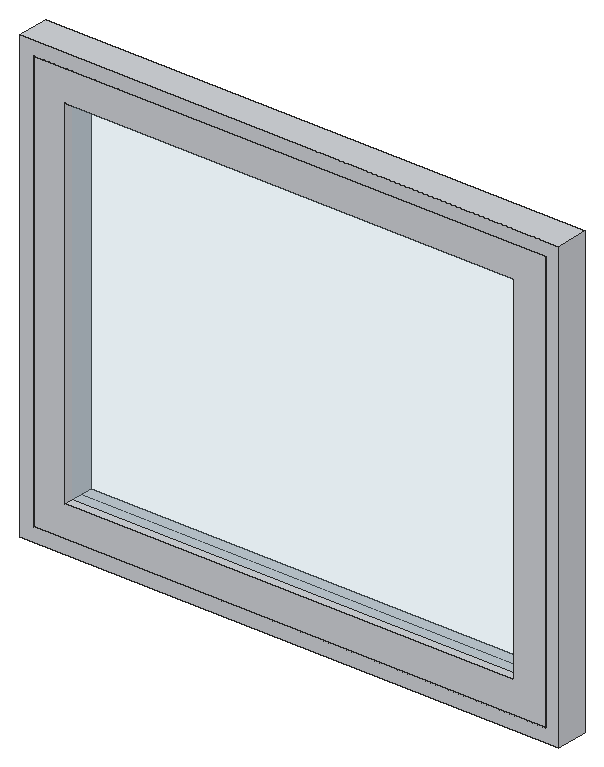
Revit family "AVLN_Окно_1 створка", category Окна, Revit 2021
Family settings
  Основа = Стена
  Номер OmniClass = 23.30.20.00
  Заголовок OmniClass = Windows
  Всегда вертикально = Да
  При загрузке вырезать с полостями = Нет
  Общий = Нет
  Точка принадлежности помещению = Нет
Parameters (values of type "1000х1200")
  Ширина рамы = 70 mm
  Ширина импоста = 50 mm
  Четверть слева/справа = 0 mm
  Четверть низ = 0 mm  # constant formula
  Четверть верх = 0 mm
  Створка_толщина = 25 mm  # constant formula
  Толщина основы [instance] = 200 mm
  Створка_ширина = Width - Монтажный зазор * 2 - Ширина рамы * 2  # 1000 mm
  Створка_профиль = 50 mm
  Створка_высота = Height - Монтажный зазор * 2 - Ширина рамы * 2  # 800 mm
  Рабочая зона = no
  Определить тепловые свойства по = Тип схем
  Model = ""
  Верх право открывание = АВЛН_Створка открывная : Створка глухая
  Верх лево открывание = АВЛН_Створка открывная : Створка откидная
  Rough Width = Width - Монтажный зазор * 2  # 1140 mm
  Rough Height = Height - Монтажный зазор * 2  # 940 mm
  Подстановочный профиль_Ширина = 20 mm  # constant formula
  Подстановочный профиль_Толщина = 60 mm
  Подоконник_Толщина = 20 mm
  Подоконник_Длина = Width  # 1200 mm
  Подоконник_Глубина = 280 mm
  Подоконник = no
  Низ право открывание = АВЛН_Створка открывная : Створка глухая
  Низ лево открывание = АВЛН_Створка открывная : Створка глухая
  Глубина вставки = 0 mm
  Отлив_Толщина = 1 mm  # constant formula
  Отлив_Длина = Width - [Четверть слева/справа] * 2  # 1200 mm
  Отлив_Глубина = 280 mm
  Отлив = no
  Откос_Н.Ширина = Width - 2 * [Четверть слева/справа]  # 1200 mm
  Откос_Н.Толщина.8 = 32 mm
  Откос_Н.Толщина.7 = 28 mm
  Откос_Н.Толщина.6 = 24 mm
  Откос_Н.Толщина.5 = 20 mm
  Откос_Н.Толщина.4 = 16 mm
  Откос_Н.Толщина.3 = 12 mm
  Откос_Н.Толщина.2 = 8 mm
  Откос_Н.Толщина.1 = 4 mm
  Откос_Н.Отступ_П = 0 mm  # constant formula
  Откос_Н.Отступ_Л = 0 mm  # constant formula
  Откос_Н.Количество слоев = 0
  Откос_Н.Глубина = 150 mm
  Откос_Н.Высота = Height - Четверть верх - Четверть низ  # 1000 mm
  Откос_В.Толщина.8 = 32 mm
  Откос_В.Толщина.7 = 28 mm
  Откос_В.Толщина.6 = 24 mm
  Откос_В.Толщина.5 = 20 mm
  Откос_В.Толщина.4 = 16 mm
  Откос_В.Толщина.3 = 12 mm
  Откос_В.Толщина.2 = 8 mm
  Откос_В.Толщина.1 = 4 mm
  Откос_В.Отступ_П [instance] = Монтажный зазор + Подоконник_Толщина  # 50 mm
  Откос_В.Отступ_Л [instance] = Монтажный зазор + Подоконник_Толщина  # 50 mm
  Откос_В.Количество слоев = 0
  Откос_В.Глубина [instance] = Толщина основы - Глубина вставки - Ширина рамы  # 130 mm
  Монтажный зазор = 30 mm
  М.Подоконник = none
  М.Отлив = none
  М.Откос_Н.8 = none
  М.Откос_Н.7 = none
  М.Откос_Н.6 = none
  М.Откос_Н.5 = none
  М.Откос_Н.4 = none
  М.Откос_Н.3 = none
  М.Откос_Н.2 = none
  М.Откос_Н.1 = ADSK_Полимеры_ Поливинилхлорид_(ПВХ) белый
  М.Откос_В.8 = none
  М.Откос_В.7 = none
  М.Откос_В.6 = none
  М.Откос_В.5 = none
  М.Откос_В.4 = none
  М.Откос_В.3 = none
  М.Откос_В.2 = none
  М.Откос_В.1 = ADSK_Полимеры_ Поливинилхлорид_(ПВХ) белый
  М.Монтажного зазора = none
  М.Стекла = Стекло
  М.Рамы = none
  М.Подоконный профиль = none
  Type Comments = ""
  Height = 1000 mm
  Высота подоконника по умолчанию = 800 mm
  Замыкание стены = По основе
  Width = 1200 mm
  Аналитическая конструкция = "<Нет>"
  АВЛН_Проем_Ширина [instance] = Width  # 1200 mm
  АВЛН_Проем_Высота [instance] = Height  # 1000 mm
  ADSK_Этаж [instance] = ""
  ADSK_Размер_Ширина = Width  # 1200 mm
  ADSK_Размер_Высота = Height  # 1000 mm
  ADSK_Примечание [instance] = ""
  ADSK_Обозначение = ""
  ADSK_Номер секции [instance] = ""
  ADSK_Наименование = ""
  ADSK_Марка = ""
  ADSK_Группирование = ""
  -----------Разрезка----------- = "-----------"  # constant formula
  -----------Профили----------- = "-----------"  # constant formula
  -----------Подоконник----------- = "-----------"  # constant formula
  -----------Отлив----------- = "-----------"  # constant formula
  -----------Откос----------- = "-----------"  # constant formula
  -----------Основные габариты----------- = "-----------"  # constant formula
  -----------Вставка----------- = "-----------"  # constant formula
Types (3, lengths in mm): name | Четверть слева/справа | Четверть верх | Створка_ширина | Створка_высота | Рабочая зона | Model | Верх право открывание | Rough Width | Rough Height | Подоконник_Длина | Подоконник | Отлив_Длина | Отлив | Откос_Н.Ширина | Откос_Н.Высота | М.Стекла | М.Рамы | Height | Width | АВЛН_Проем_Ширина | АВЛН_Проем_Высота | ADSK_Размер_Ширина | ADSK_Размер_Высота | ADSK_Обозначение | ADSK_Наименование
  1000х1200 | 0 | 0 | 1000 | 800 | no | "" | АВЛН_Створка открывная : Створка глухая | 1140 | 940 | 1200 | no | 1200 | no | 1200 | 1000 | Стекло | none | 1000 | 1200 | 1200 | 1000 | 1200 | 1000 | "" | ""
  ОК-5 1250х1000 | 50 | 50 | 800 | 1050 | yes | "Окно" | АВЛН_Створка открывная : Створка повороно-откидная левая | 940 | 1190 | 1000 | yes | 900 | yes | 900 | 1200 | ADSK_Стекло_Прозрачное бесцветное | RAL 7016 | 1250 | 1000 | 1000 | 1250 | 1000 | 1250 | "ГОСТ 30674-99" | "ОП Б2 (4М1-12-4М1-12-И4)"
  ОК-10 1850х1000 | 50 | 50 | 800 | 1650 | yes | "Окно" | АВЛН_Створка открывная : Створка повороно-откидная левая | 940 | 1790 | 1000 | yes | 900 | yes | 900 | 1800 | ADSK_Стекло_Прозрачное бесцветное | RAL 7016 | 1850 | 1000 | 1000 | 1850 | 1000 | 1850 | "ГОСТ 30674-99" | "ОП Б2 (4М1-12-4М1-12-И4)"
Reference planes
  plane 1 "По центру (Вперед/Назад)": y = 0
  plane 2 "По центру (Влево/Вправо)": x = 0
  plane 3 "Слева": x = -600
  plane 4 "Справа": x = 600
  plane 5 "Подоконник": z = 800
  plane 6 "Заголовок": z = 1800
  plane 7 "Наружный": y = 100
  plane 8 "Внутренние": y = -100
  plane 9 "Окно": y = 100
  plane 10: x = 570
  plane 11: z = 1770
  plane 12: x = -570
  plane 13: z = 830
  plane 14: x = 600
  plane 15: x = -600
  plane 16: z = 1300
  plane 17: y = 600
  plane 18: y = -400
  plane 19: z = 1800
  plane 20 "Чет. низ": z = 800
  plane 21 "Внутряння грань": y = 30
  plane 22: y = 80
  plane 23: z = 900
  plane 24: z = 1700
  plane 25: x = -500
  plane 26: x = 500
  plane 27 "9": x = 0
  plane 28: y = -1170
Forms (mm)
  Extrusion 1, void
    sketch origin (0, 100, 0) x (1, 0, 0) y (0, 0, 1)
      loop
        line (600, 1800) -> (-600, 1800) -> (-600, 800) -> (600, 800) -> (600, 1800)
    from -500 to 20
  Extrusion 2, void
    sketch origin (0, 100, 0) x (1, 0, 0) y (0, 0, 1)
      loop
        line (600, 1800) -> (-600, 1800) -> (-600, 800) -> (600, 800) -> (600, 1800)
    from 0 to 500
  Extrusion 3, solid, material <- "М.Монтажного зазора", detail levels medium+fine
    sketch origin (0, 100, 0) x (1, 0, 0) y (0, 0, 1)
      loop
        line (600, 1800) -> (-600, 1800) -> (-600, 800) -> (600, 800) -> (600, 1800)
      loop
        line (-570, 1770) -> (-570, 830) -> (570, 830) -> (570, 1770) -> (-570, 1770)
    from 0 to 70
  Extrusion 4, solid, material <- "М.Рамы", detail levels medium+fine
    sketch origin (0, 100, 0) x (-1, 0, 0) y (0, 0, 1)
      loop
        line (-570, 1770) -> (-570, 830) -> (570, 830) -> (570, 1770) -> (-570, 1770)
      loop
        line (-500, 1700) -> (-500, 900) -> (500, 900) -> (500, 1700) -> (-500, 1700)
    from -70 to 0
Lines and regions (mm)
  model lines, style "Рабочая зона", visible <- "Рабочая зона"
    curve 1: line (-600, -1170, 800) -> (600, -1170, 800)
    curve 2: line (600, -1170, 800) -> (600, 30, 800)
    curve 3: line (-600, -1170, 800) -> (-600, 30, 800)
Text (mm)
  text "EXTERIOR" at (-1963.203, 1332.353, 0), in view "Опорный уровень"
  text "INTERIOR" at (-1981.466, -818.386, 0), in view "Опорный уровень"
  text "Наружный" at (0, 923.751, 2943.296), in view "Справа"
  text "Наружный" at (0, 1240.237, 2685.409), in view "Слева"
Dimensions and locks
  equal spacing: plane 3 "Слева", plane 2 "По центру (Влево/Вправо)", plane 4 "Справа"
  "Width": plane 3 "Слева" to plane 4 "Справа"
  "Height": plane 5 "Подоконник" to plane 6 "Заголовок"
  "Высота подоконника по умолчанию": plane 5 "Подоконник" to level
  locked: plane 7 "Наружный" to host wall
  locked: plane 8 "Внутренние" to host wall
  "Глубина вставки": plane 9 "Окно" to plane 7 "Наружный"
  "Монтажный зазор": plane 10 to plane 4 "Справа"
  "Монтажный зазор": plane 3 "Слева" to plane 12
  "Монтажный зазор": plane 11 to plane 6 "Заголовок"
  "Монтажный зазор": plane 5 "Подоконник" to plane 13
  "Четверть слева/справа": plane 14 to plane 4 "Справа"
  "Четверть слева/справа": plane 3 "Слева" to plane 15
  equal spacing: plane 5 "Подоконник", plane 16, plane 6 "Заголовок"
  locked: plane 7 "Наружный" to plane 17 at 500
  locked: plane 18 to plane 8 "Внутренние" at 300
  "Четверть верх": plane 19 to plane 6 "Заголовок"
  "Четверть низ": plane 5 "Подоконник" to plane 20 "Чет. низ"
  "Ширина рамы": plane 9 "Окно" to plane 21 "Внутряння грань"
  "Толщина основы": host wall to host wall
  locked: plane 22 to plane 21 "Внутряння грань" at 50
  "Ширина рамы": plane 26 to plane 10
  "Ширина рамы": plane 12 to plane 25
  "Ширина рамы": plane 13 to plane 23
  "Ширина рамы": plane 24 to plane 11
  equal spacing: plane 3 "Слева", plane 27 "9", plane 4 "Справа"
  "Width": plane 21 "Внутряння грань" to plane 28
  aligned and locked: Extrusion 1 sketch curve to plane 14
  aligned and locked: plane 15 to Extrusion 1 sketch curve
  aligned and locked: plane 17 to Extrusion 1
  aligned and locked: Extrusion 2 sketch curve to plane 6 "Заголовок"
  aligned and locked: Extrusion 2 sketch curve to plane 4 "Справа"
  aligned and locked: plane 5 "Подоконник" to Extrusion 2 sketch curve
  aligned and locked: plane 3 "Слева" to Extrusion 2 sketch curve
  aligned and locked: plane 9 "Окно" to Extrusion 2
  aligned and locked: Extrusion 2 to plane 18
  aligned and locked: Extrusion 1 sketch curve to plane 19
  aligned and locked: plane 20 "Чет. низ" to Extrusion 1 sketch curve
  aligned and locked: plane 9 "Окно" to nested 1
  aligned and locked: plane 2 "По центру (Влево/Вправо)" to nested 1
  aligned and locked: nested 2 to plane 21 "Внутряння грань"
  aligned and locked: nested 2 to plane 2 "По центру (Влево/Вправо)"
  aligned and locked: nested 3 to plane 2 "По центру (Влево/Вправо)"
  aligned and locked: plane 8 "Внутренние" to nested 3
  aligned and locked: nested 4 to plane 9 "Окно"
  aligned and locked: Extrusion 3 sketch curve to plane 6 "Заголовок"
  aligned and locked: Extrusion 3 sketch curve to plane 4 "Справа"
  aligned and locked: Extrusion 3 sketch curve to nested 2  (x2)
  aligned and locked: Extrusion 3 sketch curve to plane 11
  aligned and locked: Extrusion 3 sketch curve to plane 12
  aligned and locked: plane 13 to Extrusion 3 sketch curve
  aligned and locked: plane 10 to Extrusion 3 sketch curve
  aligned and locked: Extrusion 3 to nested 2
  aligned and locked: plane 12 to Extrusion 4 sketch curve
  aligned and locked: plane 13 to Extrusion 4 sketch curve
  aligned and locked: Extrusion 4 sketch curve to plane 24
  aligned and locked: Extrusion 4 sketch curve to plane 11
  aligned and locked: plane 20 "Чет. низ" to nested 4
  aligned and locked: nested 4 to plane 2 "По центру (Влево/Вправо)"
  aligned and locked: plane 9 "Окно" to Extrusion 3
  aligned and locked: Extrusion 4 to plane 21 "Внутряння грань"
  aligned and locked: plane 9 "Окно" to Extrusion 4
  aligned and locked: Extrusion 1 to plane 22
  aligned and locked: Extrusion 4 sketch curve to plane 10
  aligned and locked: Extrusion 4 sketch curve to plane 26
  aligned and locked: plane 23 to Extrusion 4
  aligned and locked: plane 16 to nested 5
  aligned and locked: plane 27 "9" to nested 5
Automatic sketch dimensions
  Extrusion 4 sketch curve to plane 23 = 0 mm
  plane 25 to Extrusion 4 sketch curve = 0 mm
  curve 2 to plane 21 "Внутряння грань" = 0 mm
  curve 3 to plane 21 "Внутряння грань" = 0 mm
  curve 2 to plane 4 "Справа" = 0 mm
  curve 2 to plane 28 = 0 mm
  curve 3 to plane 3 "Слева" = 0 mm
Nested families
  nested 1: "Отлив" at (0, 100, 800) x (-1, 0, 0) z (0, 0, 1), Глубина отлива <- "Отлив_Глубина", Длина отлива <- "Отлив_Длина", ТО <- "Отлив_Толщина", Ш_МЗЗ <- "Монтажный зазор", Ш_ПП <- "Подстановочный профиль_Ширина", ADSK_Группирование <- "ADSK_Группирование", ADSK_Номер секции <- "ADSK_Номер секции", ADSK_Этаж <- "ADSK_Этаж", visible <- "Отлив", М <- "М.Отлив", type "Отлив", detail levels fine
    with Ш_ПП 20 mm, Ш_МЗЗ 30 mm, ТО 1 mm, М none, Длина отлива 1200 mm, Глубина отлива 280 mm, ADSK_Этаж "", ADSK_Примечание "", ADSK_Обозначение "", ADSK_Номер секции "", ADSK_Наименование "", ADSK_Марка "", ADSK_Группирование ""
  nested 2: "Подоконник" at (0, 30, 800), Глубина подоконника <- "Подоконник_Глубина", Длина отлива <- "Подоконник_Длина", ТП <- "Подоконник_Толщина", Ш_МЗЗ <- "Монтажный зазор", Ш_ПП <- "Подстановочный профиль_Ширина", ADSK_Группирование <- "ADSK_Группирование", ADSK_Этаж <- "ADSK_Этаж", visible <- "Подоконник", М <- "М.Подоконник", type "Подоконник", detail levels fine
    with Ш_ПП 20 mm, Ш_МЗЗ 30 mm, ТП 20 mm, М none, Длина отлива 1200 mm, Глубина подоконника 280 mm, ADSK_Этаж "", ADSK_Размер_Длина 1200 mm, ADSK_Размер_Глубина 280 mm, ADSK_Номер секции "", ADSK_Марка "", ADSK_Группирование ""
  nested 3: "AVLN_Откосы_R19" at (0, -100, 0), Глубина <- "Откос_В.Глубина", Высота от уровня <- "Высота подоконника по умолчанию", ADSK_Группирование <- "Type Comments", ADSK_Этаж <- "ADSK_Этаж", ADSK_Номер секции <- "ADSK_Номер секции", Материал_1 <- "М.Откос_В.1", Материал_2 <- "М.Откос_В.2", Материал_3 <- "М.Откос_В.3", Материал_4 <- "М.Откос_В.4", Материал_5 <- "М.Откос_В.5", Материал_6 <- "М.Откос_В.6", Материал_7 <- "М.Откос_В.7", Материал_8 <- "М.Откос_В.8", Толщина_1 <- "Откос_В.Толщина.1", Толщина_2 <- "Откос_В.Толщина.2", Толщина_3 <- "Откос_В.Толщина.3", Толщина_4 <- "Откос_В.Толщина.4", Толщина_5 <- "Откос_В.Толщина.5", Толщина_6 <- "Откос_В.Толщина.6", Толщина_7 <- "Откос_В.Толщина.7", Толщина_8 <- "Откос_В.Толщина.8", Количество слоев <- "Откос_В.Количество слоев", Отступ_Л <- "Откос_В.Отступ_Л", Отступ_П <- "Откос_В.Отступ_П", Высота <- "Height", Ширина <- "Width", type "AVLN_Откосы_R19"
    with Ширина_8 976 mm, Ширина_7 1032 mm, Ширина_6 1080 mm, Ширина_5 1120 mm, Ширина_4 1152 mm, Ширина_3 1176 mm, Ширина_2 1192 mm, Ширина 1200 mm, Толщина_8 32 mm, Толщина_7 28 mm, Толщина_6 24 mm, Толщина_5 20 mm, Толщина_4 16 mm, Толщина_3 12 mm, Толщина_2 8 mm, Толщина_1 4 mm, Отступ_П 50 mm, Отступ_Л 50 mm, Материал_8 none, Материал_7 none, Материал_6 none, Материал_5 none, Материал_4 none, Материал_3 none, Материал_2 none, Материал_1 ADSK_Полимеры_ Поливинилхлорид_(ПВХ) белый, Количество слоев 0, Глубина 130 mm, Высота_8 888 mm, Высота_7 916 mm, Высота_6 940 mm, Высота_5 960 mm, Высота_4 976 mm, Высота_3 988 mm, Высота_2 996 mm, Высота от уровня 800 mm, Высота 1000 mm, Видимость_8 no, Видимость_7 no, Видимость_6 no, Видимость_5 no, Видимость_4 no, Видимость_3 no, Видимость_2 no, Видимость_1 no, ADSK_Этаж "", ADSK_Номер секции "", ADSK_Группирование ""
  nested 4: "AVLN_Откосы_R19" at (0, 100, 0), Ширина <- "Откос_Н.Ширина", Глубина <- "Откос_Н.Глубина", Высота <- "Откос_Н.Высота", Высота от уровня <- "Высота подоконника по умолчанию", ADSK_Группирование <- "Type Comments", ADSK_Этаж <- "ADSK_Этаж", ADSK_Номер секции <- "ADSK_Номер секции", Материал_1 <- "М.Откос_Н.1", Материал_2 <- "М.Откос_Н.2", Материал_3 <- "М.Откос_Н.3", Материал_4 <- "М.Откос_Н.4", Материал_5 <- "М.Откос_Н.5", Материал_6 <- "М.Откос_Н.6", Материал_7 <- "М.Откос_Н.7", Материал_8 <- "М.Откос_Н.8", Толщина_1 <- "Откос_Н.Толщина.1", Толщина_2 <- "Откос_Н.Толщина.2", Толщина_3 <- "Откос_Н.Толщина.3", Толщина_4 <- "Откос_Н.Толщина.4", Толщина_5 <- "Откос_Н.Толщина.5", Толщина_6 <- "Откос_Н.Толщина.6", Толщина_7 <- "Откос_Н.Толщина.7", Толщина_8 <- "Откос_Н.Толщина.8", Количество слоев <- "Откос_Н.Количество слоев", Отступ_Л <- "Откос_Н.Отступ_Л", Отступ_П <- "Откос_Н.Отступ_П", type "AVLN_Откосы_R19"
    with Ширина_8 976 mm, Ширина_7 1032 mm, Ширина_6 1080 mm, Ширина_5 1120 mm, Ширина_4 1152 mm, Ширина_3 1176 mm, Ширина_2 1192 mm, Ширина 1200 mm, Толщина_8 32 mm, Толщина_7 28 mm, Толщина_6 24 mm, Толщина_5 20 mm, Толщина_4 16 mm, Толщина_3 12 mm, Толщина_2 8 mm, Толщина_1 4 mm, Отступ_П 0 mm, Отступ_Л 0 mm, Материал_8 none, Материал_7 none, Материал_6 none, Материал_5 none, Материал_4 none, Материал_3 none, Материал_2 none, Материал_1 ADSK_Полимеры_ Поливинилхлорид_(ПВХ) белый, Количество слоев 0, Глубина 150 mm, Высота_8 888 mm, Высота_7 916 mm, Высота_6 940 mm, Высота_5 960 mm, Высота_4 976 mm, Высота_3 988 mm, Высота_2 996 mm, Высота от уровня 800 mm, Высота 1000 mm, Видимость_8 no, Видимость_7 no, Видимость_6 no, Видимость_5 no, Видимость_4 no, Видимость_3 no, Видимость_2 no, Видимость_1 no, ADSK_Этаж "", ADSK_Номер секции "", ADSK_Группирование ""
  nested 5: "АВЛН_Створка открывная" at (0, 30, 1300) x (1, 0, 0) z (0, 1, 0), type <- "Верх право открывание", Створка высота <- "Створка_высота", Створка ширина <- "Створка_ширина", Ширина рамы <- "Створка_профиль", Материал_Ручки <- "М.Рамы", Материал_Рама <- "М.Рамы", Материал_Стеклопакет <- "М.Стекла", type "Створка глухая", detail levels medium+fine
    with Ширина рамы 50 mm, Створка ширина 1000 mm, Створка высота 800 mm, Материал_Стеклопакет Стекло, Материал_Ручки none, Материал_Рама none, Height 800 mm
Definition of nested family "Отлив"
  Parameters (values of type "Отлив")
    Ш_ПП [instance] = 50 mm
    Ш_МЗЗ [instance] = 35 mm
    ТО [instance] = 1 mm
    Default Elevation = 1219.2 mm
    М [instance] = none
    Длина отлива [instance] = 1560 mm
    Глубина отлива [instance] = 280 mm
    ADSK_Этаж [instance] = ""
    ADSK_Примечание [instance] = ""
    ADSK_Обозначение [instance] = ""
    ADSK_Номер секции [instance] = ""
    ADSK_Наименование [instance] = ""
    ADSK_Марка [instance] = ""
    ADSK_Группирование [instance] = ""
  Reference planes
    plane 1 "По центру (Вперед/Назад)": y = 0
    plane 2: z = 0
    plane 3 "По центру (Влево/Вправо)": x = 0
    plane 4: y = -280
    plane 5: x = -780
    plane 6: x = 780
    plane 7: z = 35
    plane 8: z = 85
    plane 9: y = -1
    plane 10: y = -300
    plane 11: y = -301
    plane 12: z = -35
    plane 13: z = 34
  Forms (mm)
    Extrusion 1, solid, material <- "М"
      sketch origin (0, 0, 0) x (0, 1, 0) y (0, 0, 1)
        loop
          line (0, 85) -> (-1, 85) -> (-1, 34.893) -> (-301, 0.893) -> (-301, -35) -> (-300, -35) -> (-300, 0) -> (0, 34) -> (0, 85)
      from -780 to 780
  Dimensions and locks
    equal spacing: plane 5, plane 3 "По центру (Влево/Вправо)", plane 6
    "Длина отлива": plane 5 to plane 6
    "Глубина отлива": plane 4 to plane 1 "По центру (Вперед/Назад)"
    "Ш_МЗЗ": plane 7 to level
    "Ш_ПП": plane 8 to plane 7
    "ТО": plane 1 "По центру (Вперед/Назад)" to plane 9
    "ТО": plane 10 to plane 11
    locked: level to plane 12 at 35
    "ТО": plane 7 to plane 13
    "ТО": Extrusion 1 sketch curve to Extrusion 1 sketch curve
    locked: plane 4 to plane 10 at 20
    aligned and locked: level to plane 2
    aligned and locked: plane 8 to Extrusion 1 sketch curve
    aligned and locked: plane 9 to Extrusion 1 sketch curve
    aligned and locked: plane 11 to Extrusion 1 sketch curve
    aligned and locked: plane 12 to Extrusion 1 sketch curve
    aligned and locked: plane 1 "По центру (Вперед/Назад)" to Extrusion 1 sketch curve  (x2)
    aligned and locked: plane 13 to Extrusion 1 sketch curve
    aligned and locked: level to Extrusion 1 sketch curve
    aligned and locked: plane 10 to Extrusion 1 sketch curve
    aligned and locked: plane 6 to Extrusion 1
    aligned and locked: Extrusion 1 to plane 5
Definition of nested family "Подоконник"
  Parameters (values of type "Подоконник")
    Ш_ПП [instance] = 50 mm
    Ш_МЗЗ [instance] = 35 mm
    ТП [instance] = 20 mm
    Default Elevation = 1219.2 mm
    М [instance] = none
    Длина отлива [instance] = 1560 mm
    Model = "Подоконная доска"
    Глубина подоконника [instance] = 280 mm
    ADSK_Этаж [instance] = ""
    ADSK_Размер_Длина [instance] = Длина отлива  # 1560 mm
    ADSK_Размер_Глубина [instance] = Глубина подоконника  # 280 mm
    ADSK_Обозначение = "ГОСТ 30673-93"
    ADSK_Номер секции [instance] = ""
    ADSK_Наименование = "Подоконная доска ПВХ"
    ADSK_Марка [instance] = ""
    ADSK_Группирование [instance] = ""
  Reference planes
    plane 1 "По центру (Вперед/Назад)": y = 0
    plane 2: z = 0
    plane 3 "По центру (Влево/Вправо)": x = 0
    plane 4: y = -280
    plane 5: x = -780
    plane 6: x = 780
    plane 7: z = 35
    plane 8: z = 85
    plane 9: y = -20
    plane 10: y = -290
    plane 11: y = -310
    plane 12: z = -35
    plane 13: z = 15
    plane 14: z = 65
  Forms (mm)
    Extrusion 1, solid, material <- "М"
      sketch origin (0, 0, 0) x (0, 1, 0) y (0, 0, 1)
        loop
          line (0, 85) -> (-310, 85) -> (-310, 0) -> (-290, 0) -> (-290, 65) -> (0, 65) -> (0, 85)
      from -780 to 780
  Dimensions and locks
    equal spacing: plane 5, plane 3 "По центру (Влево/Вправо)", plane 6
    "Длина отлива": plane 5 to plane 6
    "Глубина подоконника": plane 4 to plane 1 "По центру (Вперед/Назад)"
    "Ш_МЗЗ": plane 7 to level
    "Ш_ПП": plane 8 to plane 7
    "ТП": plane 1 "По центру (Вперед/Назад)" to plane 9
    "ТП": plane 10 to plane 11
    locked: level to plane 12 at 35
    "ТП": plane 7 to plane 13
    locked: plane 4 to plane 10 at 10
    "ТП": plane 8 to plane 14
    aligned and locked: level to plane 2
    aligned and locked: plane 8 to Extrusion 1 sketch curve
    aligned and locked: plane 1 "По центру (Вперед/Назад)" to Extrusion 1 sketch curve
    aligned and locked: plane 10 to Extrusion 1 sketch curve
    aligned and locked: plane 11 to Extrusion 1 sketch curve
    aligned and locked: level to Extrusion 1 sketch curve
    aligned and locked: plane 14 to Extrusion 1 sketch curve
    aligned and locked: Extrusion 1 to plane 5
    aligned and locked: plane 6 to Extrusion 1
Definition of nested family "АВЛН_Створка открывная"
  Parameters (values of type "Створка повороно-откидная правая")
    Ширина рамы [instance] = 50 mm
    Width = 600 mm
    Створка ширина [instance] = 800 mm
    Створка высота [instance] = 700 mm
    Материал_Стеклопакет [instance] = none
    Поворотная Правая = yes
    Поворотная Левая = no
    Default Elevation = 1219.2 mm
    Открываная = yes
    Откидная = yes
    Материал_Ручки [instance] = none
    Материал_Рама [instance] = none
    Левая = yes
    Глухое = no
    Height = 1150 mm
    Analytic Construction = "<Нет>"
  Types (6, lengths in mm): name | Width | Поворотная Правая | Поворотная Левая | Открываная | Откидная | Глухое | Height
    Створка повороно-откидная правая | 600 | yes | no | yes | yes | no | 1150
    Створка повороно-откидная левая | 600 | no | yes | yes | yes | no | 1150
    Створка глухая | 600 | no | no | no | no | yes | 1150
    Створка откидная | 1300 | no | no | yes | yes | no | 1700
    Створка поворотная правая | 600 | yes | no | yes | no | no | 1150
    Створка поворотная левая | 600 | no | yes | yes | no | no | 1150
  Reference planes
    plane 1 "По центру (Вперед/Назад)": y = 0
    plane 2 "Внутрення грань": z = 0
    plane 3 "По центру (Влево/Вправо)": x = 0
    plane 4: y = 350
    plane 5: x = 400
    plane 6: y = -350
    plane 7: x = -400
    plane 8 "Наружняя грань": z = 60.433
    plane 9 "По центру Л/Р": z = 30.216
  Forms (mm)
    Extrusion 1, solid
      sketch origin (0, 0, 0) x (1, 0, 0) y (0, 1, 0)
        loop
          line (-1219.2, 1219.2) -> (-1219.2, -1219.2) -> (1219.2, -1219.2) -> (1219.2, 1219.2) -> (-1219.2, 1219.2)
      from 0 to -304.8
    Sweep 2, solid, material <- "Материал_Рама", visible <- "Открываная"
      path origin (0, 0, 0) x (1, 0, 0) y (0, 1, 0)
        loop
          line (400, 350) -> (-400, 350) -> (-400, -350) -> (400, -350) -> (400, 350)
      profile origin (0, 350, 0) x (0, -1, 0) y (0, 0, 1)
        loop
          line (0, 0) -> (50, 0) -> (50, 60.433) -> (0, 60.433) -> (0, 0)
    Extrusion 3, solid, material <- "Материал_Стеклопакет", visible <- "Открываная"
      sketch origin (0, 0, 0) x (1, 0, 0) y (0, 1, 0)
        loop
          line (-350, 300) -> (-350, -300) -> (350, -300) -> (350, 300) -> (-350, 300)
      from 17.481 to 42.952
    Extrusion 4, solid, material <- "Материал_Стеклопакет", visible <- "Глухое"
      sketch origin (0, 0, 0) x (1, 0, 0) y (0, 1, 0)
        loop
          line (-400, 350) -> (-400, -350) -> (400, -350) -> (400, 350) -> (-400, 350)
      from 17.481 to 42.952
  Lines and regions (mm)
    model lines, visible <- "Глухое", detail levels medium+fine
      curve 1: line (0, 50, 60.433) -> (0, -50, 60.433)
      curve 2: line (50, 0, 60.433) -> (-50, 0, 60.433)
      curve 17: line (0, 50, 0) -> (0, -50, 0)
      curve 18: line (50, 0, 0) -> (-50, 0, 0)
    model lines, visible <- "Глухое", not visible, detail levels medium+fine
      curve 3: line (60, 38.001, 60.433) -> (60, -61.999, 60.433)
      curve 4: line (110, -11.999, 60.433) -> (10, -11.999, 60.433)
    model lines, visible <- "Поворотная Правая", detail levels medium+fine
      curve 5: line (400, 350, 0) -> (-400, 0, 0)
      curve 6: line (400, -350, 0) -> (-400, 0, 0)
      curve 13: line (400, 350, 60.433) -> (-400, 0, 60.433)
      curve 14: line (400, -350, 60.433) -> (-400, 0, 60.433)
    model lines, visible <- "Откидная", detail levels medium+fine
      curve 7: line (-400, -350, 0) -> (0, 350, 0)
      curve 8: line (0, 350, 0) -> (400, -350, 0)
      curve 15: line (-400, -350, 60.433) -> (0, 350, 60.433)
      curve 16: line (0, 350, 60.433) -> (400, -350, 60.433)
    model lines, visible <- "Поворотная Левая", detail levels medium+fine
      curve 9: line (-400, 350, 0) -> (400, 0, 0)
      curve 10: line (-400, -350, 0) -> (400, 0, 0)
      curve 11: line (-400, 350, 60.433) -> (400, 0, 60.433)
      curve 12: line (-400, -350, 60.433) -> (400, 0, 60.433)
  Dimensions and locks
    "Створка высота": plane 4 to plane 6
    "Створка ширина": plane 7 to plane 5
    equal spacing: plane 7, plane 3 "По центру (Влево/Вправо)", plane 5
    equal spacing: plane 6, plane 1 "По центру (Вперед/Назад)", plane 4
    plane 2 "Внутрення грань" to plane 8 "Наружняя грань" = 60.433 mm
    level to Extrusion 4 = 42.952 mm
    plane 8 "Наружняя грань" to level = 60.433 mm
    equal spacing: Extrusion 3, plane 9 "По центру Л/Р", Extrusion 3
    equal spacing: plane 8 "Наружняя грань", plane 9 "По центру Л/Р", level
    Extrusion 3 to Extrusion 3 = 25.471 mm
    "Ширина рамы": profile plane to Sweep 2 sketch curve
    equal spacing: Extrusion 4, plane 9 "По центру Л/Р", Extrusion 4, locked at 12.735 each
    locked: Extrusion 4 to Extrusion 4 at 25.471
    equal spacing: Sweep 2, nested 1, Sweep 2
    equal spacing: Sweep 2, nested 2, Sweep 2
    aligned and locked: plane 2 "Внутрення грань" to Extrusion 1
    aligned and locked: level to Extrusion 1
    aligned and locked: plane 4 to Sweep 2 sketch curve
    aligned and locked: plane 5 to Sweep 2 sketch curve
    aligned and locked: plane 6 to Sweep 2 sketch curve
    aligned and locked: Sweep 2 sketch curve to plane 7
    aligned and locked: Extrusion 3 sketch curve to Sweep 2  (x4)
    aligned and locked: Extrusion 4 sketch curve to Sweep 2  (x3)
    aligned and locked: Extrusion 4 sketch curve to plane 5
    aligned and locked: Sweep 2 sketch curve to plane 8 "Наружняя грань"
    aligned and locked: plane 6 to Extrusion 4
    aligned and locked: plane 4 to Extrusion 4
    aligned and locked: curve 2 to plane 1 "По центру (Вперед/Назад)"
    aligned and locked: curve 1 to plane 3 "По центру (Влево/Вправо)"
    aligned and locked: curve 18 to plane 1 "По центру (Вперед/Назад)"
    aligned and locked: curve 17 to plane 3 "По центру (Влево/Вправо)"
    aligned and locked: nested 2 to plane 1 "По центру (Вперед/Назад)"
    aligned and locked: nested 1 to plane 1 "По центру (Вперед/Назад)"
  Automatic sketch dimensions
    Extrusion 1 sketch curve to Extrusion 1 sketch curve = 2438.4 mm  (x2)
    plane 1 "По центру (Вперед/Назад)" to curve 5 = 0 mm
    curve 5 to plane 7 = 0 mm
    curve 9 to plane 4 = 0 mm
    curve 9 to plane 7 = 0 mm
    plane 6 to curve 7 = 0 mm
    curve 7 to plane 7 = 0 mm
    curve 7 to plane 3 "По центру (Влево/Вправо)" = 0 mm
    curve 6 to plane 5 = 0 mm
    plane 1 "По центру (Вперед/Назад)" to curve 9 = 0 mm
    curve 9 to plane 5 = 0 mm
    curve 5 to plane 4 = 0 mm
    curve 5 to plane 5 = 0 mm
    plane 6 to curve 8 = 0 mm
    curve 8 to plane 4 = 0 mm
    curve 11 to plane 4 = 0 mm
    curve 11 to plane 7 = 0 mm
    plane 6 to curve 15 = 0 mm
    curve 15 to plane 7 = 0 mm
    plane 1 "По центру (Вперед/Назад)" to curve 14 = 0 mm
    curve 14 to plane 7 = 0 mm
    curve 15 to plane 3 "По центру (Влево/Вправо)" = 0 mm
    plane 1 "По центру (Вперед/Назад)" to curve 11 = 0 mm
    curve 11 to plane 5 = 0 mm
    curve 14 to plane 5 = 0 mm
    curve 13 to plane 4 = 0 mm
    curve 13 to plane 5 = 0 mm
    plane 6 to curve 14 = 0 mm
    curve 15 to plane 4 = 0 mm
    plane 1 "По центру (Вперед/Назад)" to curve 2 = 0 mm
    curve 1 to plane 3 "По центру (Влево/Вправо)" = 0 mm
    curve 2 to plane 3 "По центру (Влево/Вправо)" = 50 mm
    plane 3 "По центру (Влево/Вправо)" to curve 2 = 50 mm
    plane 1 "По центру (Вперед/Назад)" to curve 1 = 50 mm
    curve 1 to plane 1 "По центру (Вперед/Назад)" = 50 mm
    curve 18 to curve 17 = 50 mm
    curve 17 to curve 18 = 50 mm
    plane 1 "По центру (Вперед/Назад)" to curve 17 = 50 mm
    curve 17 to plane 1 "По центру (Вперед/Назад)" = 50 mm
    Sweep 2 sketch curve to level = 0 mm
    Sweep 2 sketch curve to profile plane = 0 mm
  Nested families
    nested 1: "АВЛН_Ручка" at (375, 1040, 0) x (1, 0, 0) z (0, -1, 0), visible <- "Поворотная Левая", Материал дверной ручки <- "Материал_Рама", type "АВЛН_Ручка", detail levels fine
      with Материал дверной ручки none, Высота расположения дверной ручки 1040 mm
    nested 2: "АВЛН_Ручка" at (-375, 1040, 0) x (1, 0, 0) z (0, -1, 0), visible <- "Поворотная Правая", Материал дверной ручки <- "Материал_Рама", type "АВЛН_Ручка", detail levels fine
      with Материал дверной ручки none, Высота расположения дверной ручки 1040 mm
  Definition of nested family "АВЛН_Ручка"
    Parameters (values of type "АВЛН_Ручка")
      Default Elevation = 1219.2 mm
      Материал дверной ручки [instance] = none
      Высота расположения дверной ручки [instance] = 1040 mm
      Analytic Construction = "<Нет>"
      b = 25 mm
      a = 75 mm
    Reference planes
      plane 1 "По центру (Вперед/Назад)": y = 0
      plane 2: z = 0
      plane 3 "По центру (Влево/Вправо)": x = 0
      plane 4: z = 1040
      plane 5: x = 12.5
      plane 6: x = -12.5
      plane 7: z = 1002.5
      plane 8: z = 1077.5
      plane 9: y = -15
    Forms (mm)
      Extrusion 1, solid, material <- "Материал дверной ручки"
        sketch origin (0, 0, 2080) x (-1, 0, 0) y (0, 0, -1)
          loop
            arc (-2.5, 1077.5) -> (-9.571, 1074.571) -> (-12.5, 1067.5) r 10
            line (-12.5, 1067.5) -> (-12.5, 1012.5)
            arc (-12.5, 1012.5) -> (-9.571, 1005.429) -> (-2.5, 1002.5) r 10
            line (-2.5, 1002.5) -> (2.5, 1002.5)
            arc (2.5, 1002.5) -> (9.571, 1005.429) -> (12.5, 1012.5) r 10
            line (12.5, 1012.5) -> (12.5, 1067.5)
            arc (12.5, 1067.5) -> (9.571, 1074.571) -> (2.5, 1077.5) r 10
            line (2.5, 1077.5) -> (-2.5, 1077.5)
        from 0 to 15
      Sweep 2, solid, material <- "Материал дверной ручки"
        path origin (-1040, 0, 1040) x (0, 0, -1) y (0, 1, 0)
          loop
            line (0, -15) -> (0, -38.261)
            arc (0, -38.261) -> (-2.929, -45.332) -> (-10, -48.261) r 10
            line (-10, -48.261) -> (-130, -48.261)
        profile origin (-1040, -26.63, 1040) x (0, 0, -1) y (1, 0, 0)
          loop
            circle (0, 1040) r 8
    Dimensions and locks
      "Высота расположения дверной ручки": plane 4 to level
      "a": plane 7 to plane 8
      "b": plane 6 to plane 5
      plane 6 to plane 5 = 25 mm
      locked: plane 1 "По центру (Вперед/Назад)" to plane 9 at 15
      plane 7 to plane 8 = 75 mm
      aligned and locked: level to plane 2
      aligned and locked: Extrusion 1 sketch curve to plane 7
      aligned and locked: plane 5 to Extrusion 1 sketch curve
      aligned and locked: plane 8 to Extrusion 1 sketch curve
      aligned and locked: Extrusion 1 sketch curve to plane 6
      aligned and locked: Extrusion 1 to plane 1 "По центру (Вперед/Назад)"
    Automatic sketch dimensions
      Sweep 2 sketch curve to plane 9 = 0 mm
      plane 4 to Sweep 2 sketch curve = 10 mm
      plane 9 to Sweep 2 sketch curve = 23.261 mm
      Sweep 2 sketch curve to Sweep 2 sketch curve = 120 mm
      Sweep 2 sketch curve to profile plane = 0 mm
      profile plane to Sweep 2 sketch curve = 1040 mm
      Sweep 2 sketch curve to plane 4 = 0 mm
      plane 3 "По центру (Влево/Вправо)" to Extrusion 1 sketch curve = 2.5 mm  (x2)
      Extrusion 1 sketch curve to plane 3 "По центру (Влево/Вправо)" = 2.5 mm  (x2)
      radius of Sweep 2 sketch curve = 8 mm
Definition of nested family "AVLN_Откосы_R19"
  Parameters (values of type "AVLN_Откосы_R19")
    Ширина_8 [instance] = Ширина_7 - Толщина_7 * 2  # 776 mm
    Ширина_7 [instance] = Ширина_6 - Толщина_6 * 2  # 832 mm
    Ширина_6 [instance] = Ширина_5 - Толщина_5 * 2  # 880 mm
    Ширина_5 [instance] = Ширина_4 - Толщина_4 * 2  # 920 mm
    Ширина_4 [instance] = Ширина_3 - Толщина_3 * 2  # 952 mm
    Ширина_3 [instance] = Ширина_2 - Толщина_2 * 2  # 976 mm
    Ширина_2 [instance] = Ширина - Толщина_1 * 2  # 992 mm
    Ширина [instance] = 1000 mm
    Толщина_8 [instance] = 32 mm
    Толщина_7 [instance] = 28 mm
    Толщина_6 [instance] = 24 mm
    Толщина_5 [instance] = 20 mm
    Толщина_4 [instance] = 16 mm
    Толщина_3 [instance] = 12 mm
    Толщина_2 [instance] = 8 mm
    Толщина_1 [instance] = 4 mm
    Отступ_П [instance] = 0 mm
    Отступ_Л [instance] = 0 mm
    Default Elevation = 1219.2 mm
    Материал_8 [instance] = none
    Материал_7 [instance] = none
    Материал_6 [instance] = none
    Материал_5 [instance] = none
    Материал_4 [instance] = none
    Материал_3 [instance] = none
    Материал_2 [instance] = none
    Материал_1 [instance] = none
    Type Comments = ""
    Количество слоев [instance] = 8
    Глубина [instance] = 200 mm
    Высота_8 [instance] = Высота_7 - Толщина_7  # 1388 mm
    Высота_7 [instance] = Высота_6 - Толщина_6  # 1416 mm
    Высота_6 [instance] = Высота_5 - Толщина_5  # 1440 mm
    Высота_5 [instance] = Высота_4 - Толщина_4  # 1460 mm
    Высота_4 [instance] = Высота_3 - Толщина_3  # 1476 mm
    Высота_3 [instance] = Высота_2 - Толщина_2  # 1488 mm
    Высота_2 [instance] = Высота - Толщина_1  # 1496 mm
    Высота от уровня [instance] = 377.189 mm
    Высота [instance] = 1500 mm
    Видимость_8 [instance] = Количество слоев > 7  # yes
    Видимость_7 [instance] = Количество слоев > 6  # yes
    Видимость_6 [instance] = Количество слоев > 5  # yes
    Видимость_5 [instance] = Количество слоев > 4  # yes
    Видимость_4 [instance] = Количество слоев > 3  # yes
    Видимость_3 [instance] = Количество слоев > 2  # yes
    Видимость_2 [instance] = Количество слоев > 1  # yes
    Видимость_1 [instance] = Количество слоев > 0  # yes
    ADSK_Этаж [instance] = ""
    ADSK_Номер секции [instance] = ""
    ADSK_Группирование [instance] = ""
  Reference planes
    plane 1 "По центру (Вперед/Назад)": y = 0
    plane 2: z = 0
    plane 3 "По центру (Влево/Вправо)": x = 0
    plane 4: y = 200
    plane 5: z = 377.189
  Dimensions and locks
    "Глубина": plane 4 to plane 1 "По центру (Вперед/Назад)"
    "Высота от уровня": plane 5 to level
    aligned and locked: level to plane 2
    aligned and locked: plane 3 "По центру (Влево/Вправо)" to nested 1
    aligned and locked: nested 1 to plane 1 "По центру (Вперед/Назад)"
    aligned and locked: plane 3 "По центру (Влево/Вправо)" to nested 2
    aligned and locked: nested 2 to plane 1 "По центру (Вперед/Назад)"
    aligned and locked: plane 3 "По центру (Влево/Вправо)" to nested 3
    aligned and locked: nested 3 to plane 1 "По центру (Вперед/Назад)"
    aligned and locked: plane 3 "По центру (Влево/Вправо)" to nested 4
    aligned and locked: nested 4 to plane 1 "По центру (Вперед/Назад)"
    aligned and locked: plane 3 "По центру (Влево/Вправо)" to nested 5
    aligned and locked: nested 5 to plane 1 "По центру (Вперед/Назад)"
    aligned and locked: plane 3 "По центру (Влево/Вправо)" to nested 6
    aligned and locked: nested 6 to plane 1 "По центру (Вперед/Назад)"
    aligned and locked: plane 3 "По центру (Влево/Вправо)" to nested 7
    aligned and locked: nested 7 to plane 1 "По центру (Вперед/Назад)"
    aligned and locked: plane 3 "По центру (Влево/Вправо)" to nested 8
    aligned and locked: nested 8 to plane 1 "По центру (Вперед/Назад)"
  Nested families
    nested 1: "Откос_R1" at (0, 100, 377.189), ADSK_Размер_Глубина <- "Глубина", built-in parameter 1001364 <- "Высота от уровня", ADSK_Группирование <- "ADSK_Группирование", ADSK_Номер секции <- "ADSK_Номер секции", ADSK_Этаж <- "ADSK_Этаж", visible <- "Видимость_1", Видимость <- "Видимость_1", Материал <- "Материал_1", ADSK_Размер_Высота <- "Высота", ADSK_Размер_Толщина <- "Толщина_1", ADSK_Размер_Ширина <- "Ширина", Отступ_Л <- "Отступ_Л", Отступ_П <- "Отступ_П", type "Откос_R19 2"
      with Площадь 0.80 m², Отступ_П 0 mm, Отступ_Л 0 mm, Материал none, Видимость yes, ADSK_Этаж "", ADSK_Размер_Ширина 1000 mm, ADSK_Размер_Толщина 4 mm, ADSK_Размер_Глубина 200 mm, ADSK_Размер_Высота 1500 mm, ADSK_Номер секции "", ADSK_Группирование ""
    nested 2: "Откос_R1" at (0, 100, 377.189), ADSK_Размер_Глубина <- "Глубина", built-in parameter 1001364 <- "Высота от уровня", ADSK_Группирование <- "ADSK_Группирование", ADSK_Номер секции <- "ADSK_Номер секции", ADSK_Этаж <- "ADSK_Этаж", visible <- "Видимость_2", Видимость <- "Видимость_2", Материал <- "Материал_2", ADSK_Размер_Высота <- "Высота_2", ADSK_Размер_Толщина <- "Толщина_2", ADSK_Размер_Ширина <- "Ширина_2", Отступ_Л <- "Отступ_Л", Отступ_П <- "Отступ_П", type "Откос_R19 2"
      with Площадь 0.7968 m², Отступ_П 0 mm, Отступ_Л 0 mm, Материал none, Видимость yes, ADSK_Этаж "", ADSK_Размер_Ширина 992 mm, ADSK_Размер_Толщина 8 mm, ADSK_Размер_Глубина 200 mm, ADSK_Размер_Высота 1496 mm, ADSK_Номер секции "", ADSK_Группирование ""
    nested 3: "Откос_R1" at (0, 100, 377.189), ADSK_Размер_Глубина <- "Глубина", built-in parameter 1001364 <- "Высота от уровня", ADSK_Группирование <- "ADSK_Группирование", ADSK_Номер секции <- "ADSK_Номер секции", ADSK_Этаж <- "ADSK_Этаж", visible <- "Видимость_3", Видимость <- "Видимость_3", Материал <- "Материал_3", ADSK_Размер_Высота <- "Высота_3", ADSK_Размер_Толщина <- "Толщина_3", ADSK_Размер_Ширина <- "Ширина_3", Отступ_Л <- "Отступ_Л", Отступ_П <- "Отступ_П", type "Откос_R19 2"
      with Площадь 0.7904 m², Отступ_П 0 mm, Отступ_Л 0 mm, Материал none, Видимость yes, ADSK_Этаж "", ADSK_Размер_Ширина 976 mm, ADSK_Размер_Толщина 12 mm, ADSK_Размер_Глубина 200 mm, ADSK_Размер_Высота 1488 mm, ADSK_Номер секции "", ADSK_Группирование ""
    nested 4: "Откос_R1" at (0, 100, 377.189), ADSK_Размер_Глубина <- "Глубина", built-in parameter 1001364 <- "Высота от уровня", ADSK_Группирование <- "ADSK_Группирование", ADSK_Номер секции <- "ADSK_Номер секции", ADSK_Этаж <- "ADSK_Этаж", visible <- "Видимость_4", Видимость <- "Видимость_4", Материал <- "Материал_4", ADSK_Размер_Высота <- "Высота_4", ADSK_Размер_Толщина <- "Толщина_4", ADSK_Размер_Ширина <- "Ширина_4", Отступ_Л <- "Отступ_Л", Отступ_П <- "Отступ_П", type "Откос_R19 2"
      with Площадь 0.7808 m², Отступ_П 0 mm, Отступ_Л 0 mm, Материал none, Видимость yes, ADSK_Этаж "", ADSK_Размер_Ширина 952 mm, ADSK_Размер_Толщина 16 mm, ADSK_Размер_Глубина 200 mm, ADSK_Размер_Высота 1476 mm, ADSK_Номер секции "", ADSK_Группирование ""
    nested 5: "Откос_R1" at (0, 100, 377.189), ADSK_Размер_Глубина <- "Глубина", built-in parameter 1001364 <- "Высота от уровня", ADSK_Группирование <- "ADSK_Группирование", ADSK_Номер секции <- "ADSK_Номер секции", ADSK_Этаж <- "ADSK_Этаж", visible <- "Видимость_5", Видимость <- "Видимость_5", Материал <- "Материал_5", ADSK_Размер_Высота <- "Высота_5", ADSK_Размер_Толщина <- "Толщина_5", ADSK_Размер_Ширина <- "Ширина_5", Отступ_Л <- "Отступ_Л", Отступ_П <- "Отступ_П", type "Откос_R19 2"
      with Площадь 0.768 m², Отступ_П 0 mm, Отступ_Л 0 mm, Материал none, Видимость yes, ADSK_Этаж "", ADSK_Размер_Ширина 920 mm, ADSK_Размер_Толщина 20 mm, ADSK_Размер_Глубина 200 mm, ADSK_Размер_Высота 1460 mm, ADSK_Номер секции "", ADSK_Группирование ""
    nested 6: "Откос_R1" at (0, 100, 377.189), ADSK_Размер_Глубина <- "Глубина", built-in parameter 1001364 <- "Высота от уровня", ADSK_Группирование <- "ADSK_Группирование", ADSK_Номер секции <- "ADSK_Номер секции", ADSK_Этаж <- "ADSK_Этаж", visible <- "Видимость_6", Видимость <- "Видимость_6", Материал <- "Материал_6", ADSK_Размер_Высота <- "Высота_6", ADSK_Размер_Толщина <- "Толщина_6", ADSK_Размер_Ширина <- "Ширина_6", Отступ_Л <- "Отступ_Л", Отступ_П <- "Отступ_П", type "Откос_R19 2"
      with Площадь 0.752 m², Отступ_П 0 mm, Отступ_Л 0 mm, Материал none, Видимость yes, ADSK_Этаж "", ADSK_Размер_Ширина 880 mm, ADSK_Размер_Толщина 24 mm, ADSK_Размер_Глубина 200 mm, ADSK_Размер_Высота 1440 mm, ADSK_Номер секции "", ADSK_Группирование ""
    nested 7: "Откос_R1" at (0, 100, 377.189), ADSK_Размер_Глубина <- "Глубина", built-in parameter 1001364 <- "Высота от уровня", ADSK_Группирование <- "ADSK_Группирование", ADSK_Номер секции <- "ADSK_Номер секции", ADSK_Этаж <- "ADSK_Этаж", visible <- "Видимость_7", Видимость <- "Видимость_7", Материал <- "Материал_7", ADSK_Размер_Высота <- "Высота_7", ADSK_Размер_Толщина <- "Толщина_7", ADSK_Размер_Ширина <- "Ширина_7", Отступ_Л <- "Отступ_Л", Отступ_П <- "Отступ_П", type "Откос_R19 2"
      with Площадь 0.7328 m², Отступ_П 0 mm, Отступ_Л 0 mm, Материал none, Видимость yes, ADSK_Этаж "", ADSK_Размер_Ширина 832 mm, ADSK_Размер_Толщина 28 mm, ADSK_Размер_Глубина 200 mm, ADSK_Размер_Высота 1416 mm, ADSK_Номер секции "", ADSK_Группирование ""
    nested 8: "Откос_R1" at (0, 100, 377.189), ADSK_Размер_Глубина <- "Глубина", built-in parameter 1001364 <- "Высота от уровня", ADSK_Группирование <- "ADSK_Группирование", ADSK_Номер секции <- "ADSK_Номер секции", ADSK_Этаж <- "ADSK_Этаж", visible <- "Видимость_8", Видимость <- "Видимость_8", Материал <- "Материал_8", ADSK_Размер_Высота <- "Высота_8", ADSK_Размер_Толщина <- "Толщина_8", ADSK_Размер_Ширина <- "Ширина_8", Отступ_Л <- "Отступ_Л", Отступ_П <- "Отступ_П", type "Откос_R19 2"
      with Площадь 0.7104 m², Отступ_П 0 mm, Отступ_Л 0 mm, Материал none, Видимость yes, ADSK_Этаж "", ADSK_Размер_Ширина 776 mm, ADSK_Размер_Толщина 32 mm, ADSK_Размер_Глубина 200 mm, ADSK_Размер_Высота 1388 mm, ADSK_Номер секции "", ADSK_Группирование ""
  Definition of nested family "Откос_R1"
    Parameters (values of type "Откос_R19")
      Площадь [instance] = (ADSK_Размер_Ширина + 2 * ADSK_Размер_Высота) * ADSK_Размер_Глубина  # 2.93564 m²
      Отступ_П [instance] = 0 mm
      Отступ_Л [instance] = 0 mm
      Материал [instance] = none
      Model = "Внутренний слой откоса"  # constant formula
      Видимость [instance] = yes
      ADSK_Этаж [instance] = ""
      ADSK_Размер_Ширина [instance] = 1880 mm
      ADSK_Размер_Толщина [instance] = 164.158 mm
      ADSK_Размер_Глубина [instance] = 560 mm
      ADSK_Размер_Высота [instance] = 1681.106 mm
      ADSK_Примечание = ""
      ADSK_Обозначение = ""
      ADSK_Номер секции [instance] = ""
      ADSK_Наименование = ""
      ADSK_Марка = ""
      ADSK_Группирование [instance] = ""
    Reference planes
      plane 1 "По центру (Вперед/Назад)": y = 0
      plane 2: z = 0
      plane 3 "По центру (Влево/Вправо)": x = 0
      plane 4: x = -940
      plane 5: x = 940
      plane 6: y = 280
      plane 7: y = -280
      plane 8: x = -775.842
      plane 9: z = 1681.106
      plane 10: z = 0
      plane 11: z = 0
    Forms (mm)
      Sweep 1, solid, material <- "Материал", visible <- "Видимость"
        path origin (0, 0, 0) x (1, 0, 0) y (0, 0, 1)
          loop
            line (940, 0) -> (940, 1681.106) -> (-940, 1681.106) -> (-940, 0)
        profile origin (-940, 0, 840.553) x (0, -1, 0) y (1, 0, 0)
          loop
            line (-280, 0) -> (280, 0) -> (280, 164.158) -> (-280, 164.158) -> (-280, 0)
    Dimensions and locks
      equal spacing: plane 6, plane 1 "По центру (Вперед/Назад)", plane 7
      equal spacing: plane 4, plane 3 "По центру (Влево/Вправо)", plane 5
      "ADSK_Размер_Толщина": plane 4 to plane 8
      "ADSK_Размер_Глубина": plane 6 to plane 7
      "ADSK_Размер_Высота": plane 9 to level
      "ADSK_Размер_Ширина": plane 5 to plane 4
      "Отступ_Л": plane 10 to level
      "Отступ_П": plane 11 to level
      aligned and locked: level to plane 2
      aligned and locked: Sweep 1 sketch curve to plane 4
      aligned and locked: Sweep 1 sketch curve to plane 9
      aligned and locked: Sweep 1 sketch curve to plane 5
      aligned and locked: plane 6 to Sweep 1 sketch curve
      aligned and locked: profile plane to Sweep 1 sketch curve
      aligned and locked: Sweep 1 sketch curve to plane 7
      aligned and locked: plane 8 to Sweep 1 sketch curve
      aligned and locked: plane 10 to Sweep 1 sketch curve
      aligned and locked: plane 11 to Sweep 1 sketch curve
